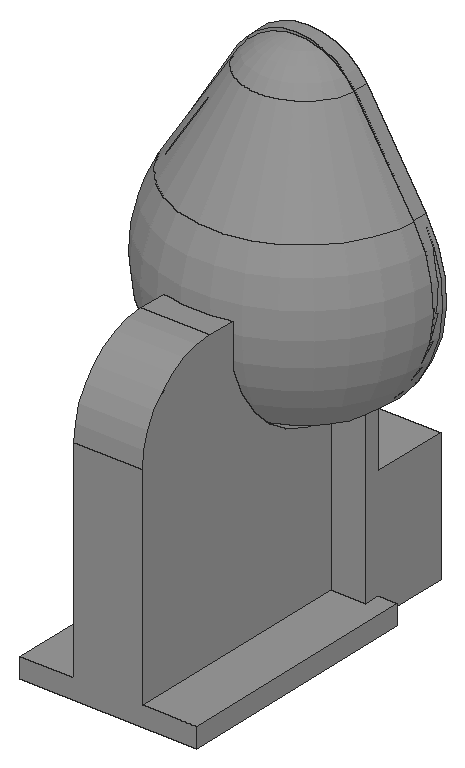
Revit family "Toilet-Willoughby-ETW-1490-OF-BS", category Plumbing Fixtures, Revit 2015
Parameters (values of type "Standard")
  Waste DIA = 2 3/8"
  Waste Connection = yes
  W-RAD [instance] = Waste DIA / 2  # 0' - 1 3/16"
  Vent Connection = no
  URL = "https://www.willoughby-ind.com/wp-content/uploads/2018/01/ETW-1490-OF.pdf"
  Type Comments = ""
  Revision = "A"
  Model = "ETW-1490-OF-BS"
  Manufacturer = "Willoughby Industries"
  HW Connection = no
  Flush inlet DIA = 1 1/2"
  Flush Inlet Connection = yes
  Fixture Body = Stainless Steel AISI 304-Willoughby
  F-RAD [instance] = Flush inlet DIA / 2  # 0' - 0 3/4"
  Description = "Off Floor Toilet, Back Spud"
  Default Elevation = 0' - 0"
  Contact Number = "(800) 428-4065"
  CW Connection = no
Reference planes (in)
  plane 1 "Base": y = -16.25
  plane 2: z = 0
  plane 3 "Center": x = 18.31072
  plane 4 "Waste height": y = -4.75
  plane 5 "Seat HGT": y = -1.25
  plane 6: z = -6.75
  plane 7: y = -2.125
  plane 8 "Flush HGT": y = 0.5
  plane 9: x = 16.56072
  plane 10: x = 20.06072
  plane 11 "Unit Base Off Floor": y = -14
  plane 12: y = 2.75
Forms (in)
  Extrusion 1, solid, material "Stainless Steel AISI 304-Willoughby" <- "Fixture Body"
    sketch origin (16.08109, 7.47968, -7.1422) x (-1, 0, 0) y (0, 0, -1)
      loop
        line (1.29775, -16.80087) -> (1.29775, -7.1422) -> (-5.72963, -7.1422) -> (-5.72963, -16.81676)
        arc (-5.72963, -16.81676) -> (-8.98136, -21.11843) -> (-8.21015, -26.45542) r 7
        line (-8.21015, -26.45542) -> (-5.16818, -31.31054)
        arc (-5.16818, -31.31054) -> (-2.20225, -32.95225) -> (0.76368, -31.31054) r 3.5
        line (0.76368, -31.31054) -> (3.80565, -26.45542)
        arc (3.80565, -26.45542) -> (4.5729, -21.10311) -> (1.29775, -16.80087) r 7
      loop
        arc (2.03989, -24.70557) -> (-2.20225, -18.23804) -> (-6.44438, -24.70557) r 4.625
        line (-6.44438, -24.70557) -> (-4.04125, -30.23842)
        arc (-4.04125, -30.23842) -> (-2.20225, -31.45225) -> (-0.36324, -30.23842) r 2
        line (-0.36324, -30.23842) -> (2.03989, -24.70557)
    from 8.72968 to 9.5
  Revolve 2, solid, material "Stainless Steel AISI 304-Willoughby" <- "Fixture Body"
    sketch origin (19.37246, -1.52032, -3.93826) x (-1, 0, 0) y (0, 0, -1)
      loop
        line (1.06174, -12.59906) -> (1.06174, -12.84906)
        arc (1.06174, -12.84906) -> (6.96784, -16.33096) -> (6.78077, -23.18447) r 6.75
        line (6.78077, -23.18447) -> (3.81535, -27.91457)
        arc (3.81535, -27.91457) -> (2.63527, -29.03194) -> (1.06174, -29.43826) r 3.25
        line (1.06174, -29.43826) -> (1.06174, -29.68826)
        arc (1.06174, -29.68826) -> (2.75672, -29.25045) -> (4.02767, -28.04656) r 3.5
        line (4.02767, -28.04656) -> (7.06964, -23.19143)
        arc (7.06964, -23.19143) -> (7.15052, -16.14555) -> (1.06174, -12.59906) r 7
      axis (1.06174, -12.59906) -> (1.06174, -29.68826)
    angle from 0 to -180
  Extrusion 3, solid, material "Stainless Steel AISI 304-Willoughby" <- "Fixture Body"
    sketch origin (19.53334, -3.02032, -4.9508) x (0, 1, 0) y (0, 0, 1)
      loop
        line (-5.27082, 4.9508) -> (1, 4.9508) -> (1, 13.76086)
        arc (1, 13.76086) -> (-2.93256, 15.26109) -> (-5.27082, 18.76086) r 6.92744
        line (-5.27082, 18.76086) -> (-5.27082, 4.9508)
    from 0.52738 to -2.97262
  Extrusion 4, solid, material "Stainless Steel AISI 304-Willoughby" <- "Fixture Body"
    sketch origin (17.03334, 24.08792, -4.30581) x (0, 1, 0) y (0, 0, 1)
      loop
        line (-32.37906, 4.30581) -> (-32.37906, 20.30581) -> (-33.81217, 20.30581)
        arc (-33.81217, 20.30581) -> (-36.83558, 19.05347) -> (-38.08792, 16.03006) r 4.27575
        line (-38.08792, 16.03006) -> (-38.08792, 4.30581) -> (-32.37906, 4.30581)
    from -0.47262 to 3.02738
  Extrusion 5, solid, material "Stainless Steel AISI 304-Willoughby" <- "Fixture Body"
    sketch origin (0, 14.59309, 0) x (1, 0, 0) y (0, 1, 0)
      loop
        circle (18.31072, -19.34309) r 1.1875
    from 1 to -3
  Extrusion 6, solid, material "Stainless Steel AISI 304-Willoughby" <- "Fixture Body"
    sketch origin (18.31072, 0, 0) x (0, 1, 0) y (0, 0, 1)
      loop
        line (-1.25, 0) -> (2.75, 0) -> (2.75, 6.6875) -> (-1.25, 6.6875) -> (-1.25, 0)
    from -3.52738 to 3.5
  Extrusion 7, solid, material "Stainless Steel AISI 304-Willoughby" <- "Fixture Body"
    sketch origin (0, 0, 0) x (1, 0, 0) y (0, 1, 0)
      loop
        circle (18.31072, 0.5) r 0.75
    from 2.21942 to 0
  Extrusion 8, solid, material "Stainless Steel AISI 304-Willoughby" <- "Fixture Body"
    sketch origin (0, -16.25, 0) x (1, 0, 0) y (0, 0, 1)
      loop
        line (22.81072, 0) -> (22.81072, 1) -> (13.81072, 1) -> (13.81072, 0) -> (22.81072, 0)
    from -15 to -2.25
Cuts and joins
  joined: Extrusion 1, Extrusion 3, Extrusion 4, Extrusion 5, Extrusion 6, Extrusion 8
Lines and regions (in)
  symbolic lines
    curve 1: line (11.28334, -2.02032, 0) -> (11.28334, -1.25, 0)
    curve 2: line (11.28334, -1.25, 0) -> (25.28334, -1.25, 0)
    curve 3: line (25.28334, -1.25, 0) -> (25.28334, -2.02032, 0)
    curve 4: arc (25.28334, -2.02032, 0) -> (23.08455, -6.65206, 0) -> (18.31072, -8.52239, 0) r 6.96224
    curve 5: arc (18.31072, -8.52239, 0) -> (13.53062, -6.64008, 0) -> (11.28334, -2.02032, 0) r 7.07677
    curve 6: line (22.81072, -6.89429, 0) -> (22.81072, -14, 0)
    curve 7: line (22.81072, -14, 0) -> (13.81072, -14, 0)
    curve 8: line (13.81072, -14, 0) -> (13.81072, -6.88588, 0)
    curve 9: line (20.06072, -8.30551, 0) -> (20.06072, -14, 0)
    curve 10: line (16.56072, -14, 0) -> (16.56072, -8.29596, 0)
    curve 11: line (14.78334, -1.25, 0) -> (14.78334, 2.75, 0)
    curve 12: line (14.78334, 2.75, 0) -> (21.81072, 2.75, 0)
    curve 13: line (21.81072, 2.75, 0) -> (21.81072, -1.25, 0)
    curve 14: line (14.78334, -16.25, 9.65867) -> (14.78334, -16.25, 1)
    curve 15: line (14.78334, -16.25, 1) -> (13.81072, -16.25, 1)
    curve 16: line (13.81072, -16.25, 1) -> (13.81072, -16.25, 0)
    curve 17: line (13.81072, -16.25, 0) -> (22.81072, -16.25, 0)
    curve 18: line (22.81072, -16.25, 0) -> (22.81072, -16.25, 1)
    curve 19: line (22.81072, -16.25, 1) -> (21.81072, -16.25, 1)
    curve 20: line (21.81072, -16.25, 1) -> (21.81072, -16.25, 9.67456)
    curve 21: arc (21.81072, -16.25, 9.67456) -> (25.08184, -16.25, 13.97124) -> (24.29124, -16.25, 19.31322) r 6.95308
    curve 22: line (24.29124, -16.25, 19.31322) -> (21.24927, -16.25, 24.16835)
    curve 23: arc (21.24927, -16.25, 24.16835) -> (19.98923, -16.25, 25.34792) -> (18.31072, -16.25, 25.75) r 3.37397
    curve 24: arc (18.31072, -16.25, 25.75) -> (16.62783, -16.25, 25.31163) -> (15.31741, -16.25, 24.16835) r 3.79331
    curve 25: line (15.31741, -16.25, 24.16835) -> (12.35249, -16.25, 19.43905)
    curve 26: arc (12.35249, -16.25, 19.43905) -> (11.49002, -16.25, 14.03241) -> (14.78334, -16.25, 9.65867) r 7
    curve 33: line (18.31072, -14, 11.72425) -> (18.31072, -14, 0)
    curve 34: line (18.31072, -14, 0) -> (18.31072, 2.75, 0)
    curve 35: line (18.31072, 2.75, 0) -> (18.31072, 2.75, 6.6875)
    curve 36: line (18.31072, 2.75, 6.6875) -> (18.31072, -1.25, 6.6875)
    curve 37: line (18.31072, -1.25, 6.6875) -> (18.31072, -1.25, 25.81005)
    curve 38: line (18.31072, -1.25, 25.81005) -> (18.31072, -2.02032, 25.81005)
    curve 39: arc (18.31072, -2.02032, 25.81005) -> (18.31072, -3.31233, 25.27497) -> (18.31072, -4.32667, 24.31229) r 3.83576
    curve 40: line (18.31072, -4.32667, 24.31229) -> (18.31072, -7.52822, 19.25317)
    curve 41: arc (18.31072, -7.52822, 19.25317) -> (18.31072, -8.19231, 17.67758) -> (18.31072, -8.52281, 16) r 8.38109
    curve 42: line (18.31072, -8.29114, 16) -> (18.31072, -9.72425, 16)
    curve 43: arc (18.31072, -9.72425, 16) -> (18.31072, -12.74766, 14.74766) -> (18.31072, -14, 11.72425) r 4.27575
    curve 44: line (18.31072, -8.29114, 16) -> (18.31072, -8.29114, 13.87548)
    curve 45: arc (18.31072, -8.29114, 13.87548) -> (18.31072, -5.97299, 10.33102) -> (18.31072, -2.02032, 8.81005) r 6.89568
    curve 46: line (18.31072, -1.25, 9.65867) -> (18.31072, -2.02032, 9.65867)
    curve 47: line (18.31072, -2.02032, 9.65867) -> (18.31072, -2.02032, 1)
    curve 48: line (18.31072, -14, 1) -> (18.31072, -1.25, 1)
    curve 49: line (18.31072, -1.25, 1) -> (18.31072, -1.25, 0)
  symbolic lines, detail levels fine
    curve 27: arc (14.0412, -16.25, 17.56337) -> (18.28334, -16.25, 11.09585) -> (22.52547, -16.25, 17.56337) r 4.625
    curve 28: line (22.52547, -16.25, 17.56337) -> (20.12234, -16.25, 23.09622)
    curve 29: arc (20.12234, -16.25, 23.09622) -> (19.38317, -16.25, 23.97635) -> (18.28334, -16.25, 24.31005) r 2.01767
    curve 30: arc (18.28334, -16.25, 24.31005) -> (17.17969, -16.25, 23.98213) -> (16.44433, -16.25, 23.09622) r 1.9827
    curve 31: line (16.44433, -16.25, 23.09622) -> (14.0412, -16.25, 17.56337)
  symbolic lines, detail levels medium+fine
    curve 32: line (21.81072, -16.25, 6.6875) -> (14.78334, -16.25, 6.6875)
Dimensions and locks (in)
  locked: plane 1 "Base" to plane 4 "Waste height" at 11.5
  locked: plane 1 "Base" to plane 5 "Seat HGT" at 15
  plane 1 "Base" to plane 8 "Flush HGT" = 1' - 4 3/4"
  locked: plane 12 to plane 1 "Base" at 19
  "W-RAD": radius of Extrusion 5 sketch curve
  "F-RAD": radius of Extrusion 7 sketch curve
  aligned and locked: plane 3 "Center" to Extrusion 5 sketch curve
  aligned and locked: plane 4 "Waste height" to Extrusion 5 sketch curve
  aligned and locked: plane 8 "Flush HGT" to Extrusion 7 sketch curve
  aligned and locked: plane 3 "Center" to Extrusion 7 sketch curve
  aligned and locked: cut or joined group of Extrusion 1, Extrusion 3, Extrusion 4, Extrusion 5, Extrusion 6, Extrusion 8 to cut or joined group of Extrusion 1, Extrusion 3, Extrusion 4, Extrusion 5, Extrusion 6, Extrusion 8  (x5)
Automatic sketch dimensions
  Extrusion 1 sketch curve to Extrusion 1 sketch curve = 0' - 0"  (x8)
  Extrusion 1 sketch curve to level = 0' - 0"
  plane 3 "Center" to Extrusion 1 sketch curve = 0' - 5.98052"
  Extrusion 1 sketch curve to Extrusion 1 sketch curve = 0' - 1.76576"  (x2)
  plane 3 "Center" to Extrusion 1 sketch curve = 0' - 3 1/2"
  plane 3 "Center" to Extrusion 1 sketch curve = 0' - 2.93855"
  Extrusion 1 sketch curve to Extrusion 1 sketch curve = 0' - 1.12693"  (x2)
  Extrusion 1 sketch curve to plane 3 "Center" = 0' - 0.02738"  (x2)
  Extrusion 1 sketch curve to plane 3 "Center" = 0' - 1.86639"
  Extrusion 1 sketch curve to plane 3 "Center" = 0' - 3.52738"
  Extrusion 1 sketch curve to plane 3 "Center" = 0' - 4 69/256"
  Extrusion 1 sketch curve to Extrusion 1 sketch curve = 0' - 9.65867"
  Extrusion 1 sketch curve to Extrusion 1 sketch curve = 0' - 0.01589"
  Extrusion 1 sketch curve to Extrusion 1 sketch curve = 0' - 6.06218"
  Extrusion 1 sketch curve to Extrusion 1 sketch curve = 0' - 1.74985"
  Extrusion 1 sketch curve to Extrusion 1 sketch curve = 0' - 4.74668"
  Extrusion 1 sketch curve to Extrusion 1 sketch curve = 0' - 0.78617"
  Extrusion 1 sketch curve to Extrusion 1 sketch curve = 0' - 1.07212"
  Revolve 2 sketch curve to Revolve 2 sketch curve = 0' - 0"  (x2)
  Revolve 2 sketch curve to plane 3 "Center" = 0' - 0"  (x3)
  plane 3 "Center" to Revolve 2 sketch curve = 0' - 0"
  Revolve 2 sketch curve to plane 3 "Center" = 0' - 2.75361"
  Revolve 2 sketch curve to Revolve 2 sketch curve = 0' - 0.21232"
  Revolve 2 sketch curve to Revolve 2 sketch curve = 0' - 2.96542"
  Revolve 2 sketch curve to Revolve 2 sketch curve = 0' - 0.28887"
  level to Revolve 2 sketch curve = 2' - 1 3/4"
  Revolve 2 sketch curve to Revolve 2 sketch curve = 0' - 0 1/4"
  Revolve 2 sketch curve to Revolve 2 sketch curve = 0' - 1.3917"
  Revolve 2 sketch curve to Revolve 2 sketch curve = 0' - 0.13199"
  Revolve 2 sketch curve to Revolve 2 sketch curve = 0' - 4.85513"
  Revolve 2 sketch curve to Revolve 2 sketch curve = 0' - 0.00696"
  Revolve 2 sketch curve to Revolve 2 sketch curve = 0' - 3 1/4"
  Revolve 2 sketch curve to Revolve 2 sketch curve = 0' - 3.3392"
  Revolve 2 sketch curve to Revolve 2 sketch curve = 0' - 2.4108"
  Extrusion 3 sketch curve to level = 0' - 0"
  plane 4 "Waste height" to Extrusion 3 sketch curve = 0' - 3.54114"
  plane 7 to Extrusion 3 sketch curve = 0' - 0.10468"
  plane 5 "Seat HGT" to Extrusion 3 sketch curve = 0' - 0.38413"
  Extrusion 3 sketch curve to Extrusion 3 sketch curve = 0' - 8.81005"
  Extrusion 3 sketch curve to Extrusion 3 sketch curve = 0' - 5"
  Extrusion 4 sketch curve to level = 0' - 0"
  Extrusion 4 sketch curve to Extrusion 4 sketch curve = 0' - 1.43311"
  Extrusion 4 sketch curve to Extrusion 4 sketch curve = 0' - 11.72425"
  Extrusion 6 sketch curve to level = 0' - 0"
  Extrusion 6 sketch curve to plane 5 "Seat HGT" = 0' - 0"
  Extrusion 6 sketch curve to plane 8 "Flush HGT" = 0' - 2 1/4"
  level to Extrusion 6 sketch curve = 0' - 6 11/16"
  Extrusion 8 sketch curve to level = 0' - 0"
  level to Extrusion 8 sketch curve = 0' - 1"
  Extrusion 4 sketch curve to plane 1 "Base" = 0' - 2 1/4"
  Extrusion 4 sketch curve to plane 1 "Base" = 0' - 6.52575"
  Extrusion 8 sketch curve to plane 9 = 0' - 2 3/4"
  plane 10 to Extrusion 8 sketch curve = 0' - 2 3/4"
  curve 7 to plane 11 "Unit Base Off Floor" = 0' - 0"
  curve 11 to plane 12 = 0' - 0"
  curve 10 to plane 9 = 0' - 0"
  curve 4 to plane 3 "Center" = 0' - 0"
  curve 5 to plane 3 "Center" = 0' - 0"
  curve 9 to plane 10 = 0' - 0"
  plane 5 "Seat HGT" to curve 13 = 0' - 0"
  curve 12 to plane 9 = 0' - 1.77738"
  curve 8 to plane 9 = 0' - 2 3/4"
  curve 2 to curve 11 = 0' - 3 1/2"
  plane 3 "Center" to curve 4 = 0' - 0.02559"
  plane 3 "Center" to curve 5 = 0' - 0.02602"
  curve 9 to curve 7 = 0' - 2 3/4"
  curve 6 to curve 3 = 0' - 2.47262"
  plane 7 to curve 1 = 0' - 0.10468"
  plane 7 to curve 3 = 0' - 0.10468"
  plane 10 to curve 13 = 0' - 1 3/4"
  curve 26 to curve 27 = 0' - 0"  (x2)
  curve 17 to level = 0' - 0"
  curve 24 to plane 3 "Center" = 0' - 0"
  curve 23 to plane 3 "Center" = 0' - 0"
  curve 26 to plane 3 "Center" = 0' - 0.02738"
  curve 30 to plane 3 "Center" = 0' - 0.03882"
  curve 29 to curve 30 = 0' - 0.0002"
  curve 31 to plane 9 = 0' - 0.11639"
  curve 25 to plane 9 = 0' - 1.24331"
  curve 31 to plane 9 = 0' - 2 133/256"
  curve 16 to curve 14 = 0' - 0.97262"
  curve 25 to curve 31 = 0' - 1.68871"
  plane 3 "Center" to curve 21 = 0' - 0.03746"
  plane 3 "Center" to curve 23 = 0' - 0.07942"
  plane 3 "Center" to curve 24 = 0' - 0.08929"
  plane 10 to curve 28 = 0' - 0.06162"
  plane 10 to curve 22 = 0' - 1.18855"
  plane 10 to curve 20 = 0' - 1 3/4"
  plane 10 to curve 28 = 0' - 2.46475"
  curve 19 to curve 19 = 0' - 1"
  curve 28 to curve 22 = 0' - 1.76576"
  curve 16 to curve 16 = 0' - 1"
  level to curve 19 = 0' - 1"
  curve 14 to curve 14 = 0' - 8.65867"
  curve 14 to curve 20 = 0' - 0.01589"
  curve 20 to curve 21 = 0' - 6.0296"
  curve 21 to curve 27 = 0' - 0.01669"
  curve 31 to curve 26 = 0' - 1.87568"
  curve 28 to curve 24 = 0' - 4.39436"
  curve 24 to curve 29 = 0' - 0.33468"
  curve 29 to curve 30 = 0' - 0.03496"
  curve 30 to curve 23 = 0' - 0.04959"
  curve 31 to curve 24 = 0' - 1.07212"
  curve 28 to curve 23 = 0' - 1.07212"
  curve 32 to plane 9 = 0' - 1.77738"
  curve 32 to curve 14 = 0' - 2.97117"
  curve 33 to level = 0' - 0"
  curve 33 to plane 11 "Unit Base Off Floor" = 0' - 0"
  curve 36 to plane 5 "Seat HGT" = 0' - 0"
  curve 49 to plane 5 "Seat HGT" = 0' - 0"
  curve 34 to plane 12 = 0' - 0"
  curve 43 to curve 43 = 0' - 4.27575"
  curve 43 to curve 42 = 0' - 1.43311"
  plane 4 "Waste height" to curve 40 = 0' - 2.77822"
  curve 40 to plane 4 "Waste height" = 0' - 0.42333"
  plane 7 to curve 38 = 0' - 0.10468"
  plane 7 to curve 46 = 0' - 0.10468"
  plane 5 "Seat HGT" to curve 45 = 0' - 0.38991"
  curve 39 to plane 5 "Seat HGT" = 0' - 0.02677"
  plane 8 "Flush HGT" to curve 41 = 0' - 0.67743"
  level to curve 36 = 0' - 6 11/16"
  curve 36 to curve 46 = 0' - 2.97117"
  curve 46 to curve 43 = 0' - 2.06558"
  curve 44 to curve 42 = 0' - 2.12452"
  curve 46 to curve 41 = 0' - 5.56851"
  curve 41 to curve 45 = 0' - 0.46805"
  curve 42 to curve 40 = 0' - 3.25317"
  curve 45 to curve 39 = 0' - 6.3628"
  curve 39 to curve 40 = 0' - 2.25427"
  level to curve 48 = 0' - 1"
Connectors (in)
  piping at (18.31072, -4.75, -3), diameter 2.375, driven by "W-RAD", driven by "Waste Connection"
    settings: on Extrusion 5, index 1, connector inside diameter 2 1/2", connector length 0' - 0", flow factor 0, pipe flow 0 GPM, pressure drop 0.00 psi, fitting loss kfactor 0, connector angle 0.00°, fixture units 0, engagement length 0' - 0", angle of deflection 0.00°, flow configuration 0, flow direction 2, fitting loss method 0, system type 16, joint type 0, gender type 0, connector reference index -1, connector utility 1, adjustable connector yes, is connector primary yes, connector description "Toilet Waste"
  piping at (18.31072, 0.5, 0), diameter 1.5, driven by "F-RAD", driven by "CW Connection"
    settings: on Extrusion 7, index 2, connector inside diameter 1 1/2", connector length 0' - 0", flow factor 0, pipe flow 0 GPM, pressure drop 0.00 psi, fitting loss kfactor 0, connector angle 0.00°, fixture units 0, engagement length 0' - 0", angle of deflection 0.00°, flow configuration 0, flow direction 1, fitting loss method 0, system type 20, joint type 0, gender type 0, connector reference index -1, connector utility 0, adjustable connector no, is connector primary no, connector description "Flush Inlet"
